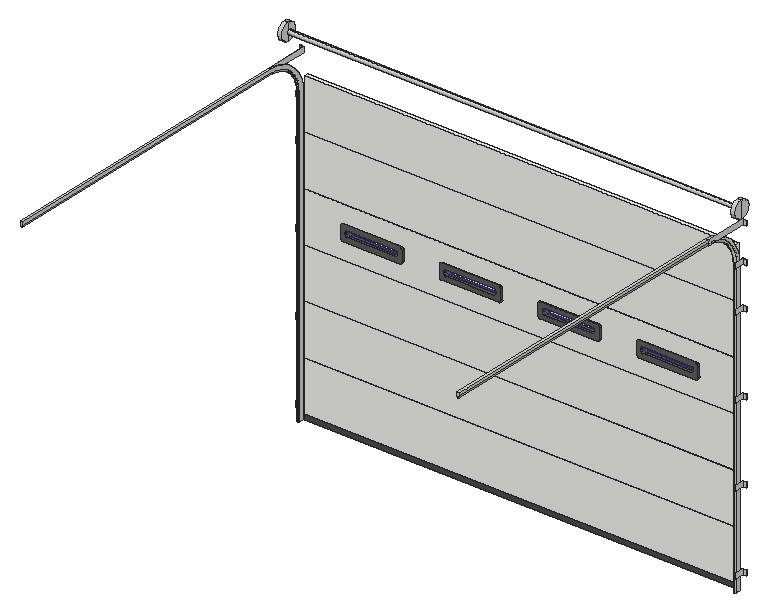
Revit family "Overhead-Sect_HAAS_Res_600", category Doors, host Wall, Revit 2024
Family settings
  Host = Wall
  OmniClass Number = 23.30.10.17.37.14
  OmniClass Title = Sectional Overhead Doors
  Always vertical = Yes
  Cut with Voids When Loaded = No
  Shared = No
  Room Calculation Point = No
Parameters
  rearspring = no
  Warranty Duration (Years) = 0
  Viewport Frame Finish [instance] = Finish - Trim - HAAS - Black
  Unit Width [instance] = if(Wood Jamb, Opening Width, Opening Width + 0' 2")  # 14' - 0"
  Wood Jamb [instance] = yes
  URL = "http://www.haasdoor.com/about/index.html"
  U Value = 0
  Type Comments = ""
  Track_High Lift_CHECK WITH HAAS FOR VALUE [instance] = 0' - 7"
  Track [instance] = Steel
  Thickness = 0' - 0"  # constant formula
  Test Data = ""
  Steel Jamb [instance] = not(Wood Jamb)  # no
  Standards Conformance = "as Specified"
  Specification = ""
  SpecWizard = ""
  Send Message = ""
  Sales Information = "http://www.haasdoor.com/locator/index.php"
  Rough Width = 0' - 0"  # constant formula
  Rough Height = 0' - 0"  # constant formula
  Roof Incline Default = 0.00°
  Revision = "R1_2015-11"
  Recycled Content [instance] = "as Specified"
  R-Value = 13.45
  Product Properties = ""
  Product Data = "http://www.arcat.com/arcatcos/cos32/arc32915.html"
  Panel Width [instance] = 14' - 0"
  Panel Thickness = 0' - 1 3/8"
  Panel Material_Interior [instance] = Metal - Steel - HAAS - Polar White V-Groove
  Panel Material_Inset Panel [instance] = Metal - Steel - HAAS - Polar White
  Panel Material_Exterior [instance] = Metal - Steel - HAAS - Polar White
  Panel Height [instance] = if(1 = 1, Opening Height, 0' 0")  # 10' - 0"
  Overhead Sectional Style [instance] = Door_Overhead-Sectional-Panel_Haas_No-Inset-Panels : Design B
  Operation = "Overhead Sectional"
  Opening Width [instance] = 14' - 0"
  Opening Height [instance] = 10' - 0"
  Track Type [instance] = Tracks_Standard-Lift : Tracks_Standard-Lift
  Model = ""
  Max Width = 0' - 0"
  Max Height = 0' - 0"
  Manufacturer Website = "http://www.haasdoor.com/about/index.html"
  Manufacturer Phone - Toll Free = ""
  Manufacturer Phone = "419-337-9900"
  Manufacturer Fax = "800-874-4227"
  Manufacturer Address = "320 Sycamore Rd. Wauseon, OH 43567"
  Manufacturer = "Haas Door Co."
  Maintenance Schedule (Months) = 0
  Keynote = "08360"
  Interior Skin = "as Specified"
  Installation-Fabrication = ""
  Installation Phase = ""
  Green Building-LEED = ""
  Viewport Glazing [instance] = Glass
  Function = 1
  Height = 0' - 0"  # constant formula
  Wall Closure = (empty or 0)
  Width = 0' - 0"  # constant formula
  Fire Rating = ""
  Exterior Skin = "as Specified"
  Expected Lifespan (Years) = 0
  End Stile Type = "as Specified"
  Drawn By = "Sumex Design, Inc."
  Description = "Haas Residential Overhead Sectional Door - 600 Series"
  Cost = 0
  Copyright = "©Arcat Inc."  # constant formula
  Construction Type = ""
  Construction Details = ""
  Building Codes = ""
  Bottom Seal Color [instance] = Finish - Weather Seal - HAAS - Black
  Assembly Code = "B2030410"
  AAMA Designation = "as Specified"
  3in Track [instance] = not([2in Track])  # no
  2in Track [instance] = yes
Reference planes (in)
  plane 1 "Center (Front/Back)": y = 0
  plane 2 "Center (Left/Right)": x = 0
  plane 3 "Left": x = -84
  plane 4 "Right": x = 84
  plane 5 "Top": z = 120
  plane 6 "Exterior": y = 3
  plane 7 "Interior": y = -3
  plane 8: z = 2
  plane 9 "Back of Panel": y = -4.375
  plane 10: y = -3.6875
  plane 11 "Track": y = -4.625
Lines and regions (in)
  Opening 1
    outline origin (-90, -3, 0) x (1, 0, 0) y (0, 0, 1)
      loop
        line (6, 0) -> (174, 0) -> (174, 120) -> (6, 120) -> (6, 0)
Text (in)
  text "Exterior" at (-74.96733, 27.31104, 0), in view "Ref. Level"
  text "Interior" at (-74.96733, -25.14366, 0), in view "Ref. Level"
  text "Exterior" at (0, 40.15149, 123.01588), in view "Right"
  text "Interior" at (0, -64.39139, 123.01588), in view "Right"
  text "Interior" at (0, -31.01599, 123.00693), in view "Left"
  text "Exterior" at (0, 54.57065, 123.00693), in view "Left"
Dimensions and locks (in)
  equal spacing: plane 3 "Left", plane 2 "Center (Left/Right)", plane 4 "Right"
  "Opening Height": level to plane 5 "Top"
  "Opening Width": plane 3 "Left" to plane 4 "Right"
  plane 8 to level = 0' - 2"
  plane 3 "Left" to plane 4 "Right" = 14' - 0"
  "Panel Thickness": plane 9 "Back of Panel" to plane 7 "Interior"
  equal spacing: plane 9 "Back of Panel", plane 10, plane 7 "Interior"
  locked: plane 11 "Track" to plane 7 "Interior" at 1.625
  aligned and locked: plane 3 "Left" to Opening 1 sketch curve
  aligned and locked: plane 5 "Top" to Opening 1 sketch curve
  aligned and locked: Opening 1 sketch curve to plane 5 "Top"
  aligned and locked: Opening 1 sketch curve to plane 4 "Right"
  aligned and locked: Opening 1 sketch curve to level
  aligned and locked: plane 6 "Exterior" to host wall
  aligned and locked: plane 7 "Interior" to host wall
  aligned and locked: nested 1 to plane 2 "Center (Left/Right)"
  aligned and locked: level to nested 1
  aligned and locked: nested 1 to plane 11 "Track"
  aligned and locked: nested 2 to plane 2 "Center (Left/Right)"
  aligned and locked: plane 10 to nested 2
Nested families (in)
  nested 1: "Tracks_Standard-Lift" at (0, -5.625, 0), Unit Width <- "Unit Width", Opening Height <- "Opening Height", Track <- "Track", Wood Jamb <- "Wood Jamb", 2in Track <- "2in Track", type <- "Track Type", High Lift Height <- "Track_High Lift_CHECK WITH HAAS FOR VALUE", Door Height <- "Panel Height", Rear Mount Spring <- "rearspring", Roof Incline <- "Roof Incline Default", type "Tracks_Standard-Lift"
    with trackradinsetv 0' - 0", trackradinseth 0' - 0", sideroomint 0' - 1 5/8", roofpitchheight 0' - 0", offsettrackradv 1' - 2.73821", offsettrackradh 1' - 2.99772", offset 0' - 0", highliftcalc 0' - 8", breakoutrun 1, breakoutrise 12, breakawaylength 0' - 0", breakaway angle 1.00°, Wood Jamb yes, Unit Width 14' - 0", Unit Depth 0' - 2", Track Radius 1' - 3", Track Offset from Door Edge 0' - 0 1/2", Track Steel, Steel Jamb no, Standard Spring Location yes, Sideroom_Spring 0' - 3", Sideroom_Jambs 0' - 3", Roof Incline 0.00°, Rear Mount Spring no, Opening Width 14' - 0", Opening Height 10' - 0", High Lift Height 0' - 7", Headroom Clearance 1' - 7", Door Height 10' - 0", Breakaway Start 0' - 8", Back Depth 11' - 6", 3in Track no, 2in Track yes, 1 in 12 Breakout yes, 1 5 in 12 Breakout no
  nested 2: "Door_Overhead-Sectional-Panel_Haas_No-Inset-Panels" at (0, -3.6875, 0) x (-1, 0, 0) z (0, 0, 1), Viewport Finish <- "Viewport Frame Finish", Panel Material_Interior <- "Panel Material_Interior", Panel Material_Inset Panel <- "Panel Material_Inset Panel", Panel Material_Exterior <- "Panel Material_Exterior", Viewport Glazing <- "Viewport Glazing", Bottom Seal Color <- "Bottom Seal Color", Panel Width <- "Panel Width", Panel Thickness <- "Panel Thickness", Panel Height <- "Panel Height", type <- "Overhead Sectional Style", type "Design B"
    with Viewport Glazing Glass, Viewport Finish Finish - Trim - HAAS - Black, Unit Width 14' - 0", Unit Height 1' - 7.66667", Panel Width 14' - 0", Panel Thickness 0' - 1 3/8", Panel Material_Interior Metal - Steel - HAAS - Polar White V-Groove, Panel Material_Inset Panel Metal - Steel - HAAS - Polar White, Panel Material_Exterior Metal - Steel - HAAS - Polar White, Panel Height 10' - 0", Panel 9 Vis no, Panel 9 Control 0' - 0", Panel 8 Vis no, Panel 8 Control 0' - 0", Panel 7 Vis no, Panel 7 Control 0' - 0", Panel 6 Vis yes, Panel 6 Control 1' - 7.66667", Panel 5 Vis yes, Panel 5 Control 1' - 7.66667", Panel 4 Vis yes, Panel 4 Control 1' - 7.66667", Panel 3 Vis yes, Panel 3 Control 1' - 7.66667", Panel 2 Vis yes, Panel 2 Control 1' - 7.66667", Panel 10 Vis no, Panel 10 Control 0' - 0", Panel 1 Vis yes, Bottom Seal Color Finish - Weather Seal - HAAS - Black
Definition of nested family "Tracks_Standard-Lift"
  Parameters
    trackradinsetv [instance] = Track Radius - (Track Radius * cos(Roof Incline))  # 0' - 0"
    trackradinseth [instance] = Track Radius * sin(Roof Incline)  # 0' - 0"
    sideroomint [instance] = if(Steel Jamb, 0' 3", 0' 1 5/8")  # 0' - 1 5/8"
    roofpitchheight [instance] = (Back Depth) * tan(Roof Incline)  # 0' - 0"
    offsettrackradv [instance] = Track Radius - (Track Radius * sin(breakaway angle))  # 1' - 2.73821"
    offsettrackradh [instance] = Track Radius * cos(breakaway angle)  # 1' - 2.99772"
    offset [instance] = 0' - 0"  # constant formula
    breakoutrun [instance] = if([1 in 12 Breakout], 1, 1.5)  # 1
    breakoutrise [instance] = 12  # constant formula
    breakawaylength [instance] = (Breakaway Start + High Lift Height - Track Radius) / tan(90.00° - breakaway angle)  # 0' - 0.26183"
    breakaway angle [instance] = 1.00°  # constant formula
    Wood Jamb [instance] = yes
    Unit Width [instance] = 8' - 0"
    Unit Depth [instance] = if([2in Track], 0' 2", if([3in Track], 0' 3", 0' 2"))  # 0' - 3"
    URL = ""
    Track Radius [instance] = 1' - 3"
    Track [instance] = none
    Steel Jamb [instance] = not(Wood Jamb)  # no
    Standard Spring Location [instance] = yes
    Specification = ""
    SpecWizard = ""
    Track Offset from Door Edge [instance] = 0' - 0 1/2"
    Sideroom_Spring [instance] = 0' - 3"  # constant formula
    Sideroom_Jambs [instance] = 0' - 3"  # constant formula
    Sales Information = ""
    Roof Incline [instance] = 0.00°
    Revision = ""
    Rear Mount Spring [instance] = yes
    Product Properties = ""
    Product Data = ""
    Opening Width [instance] = if(Wood Jamb, Unit Width, Unit Width - 0' 1")  # 8' - 0"
    Opening Height [instance] = 8' - 0"
    Model = "As Specified"
    Manufacturer = ""
    Keynote = ""
    Installation-Fabrication = ""
    highliftcalc [instance] = if(Headroom Clearance < 5' 4 3/256", Headroom Clearance - 0' 11", if(and(Headroom Clearance > 5' 4", Headroom Clearance < 11' 1 3/256"), Headroom Clearance - 1' 1", if(and(Headroom Clearance > 11' 1", Headroom Clearance < 15' 0 3/256"), Headroom Clearance - 1' 5", 1' 0")))  # 1' - 11"
    High Lift Height [instance] = 1' - 10"
    Headroom Clearance [instance] = High Lift Height + 1' 0"  # 2' - 10"
    Green Building-LEED = ""
    Drawn By = "Sumex Design, Inc. / Robert S. Weygant, CSI, CDT, SCIP"
    Door Height [instance] = 8' - 0"
    Description = ""
    Default Elevation = 0' - 0"  # constant formula
    Copyright = "©Arcat Inc."
    Construction Details = ""
    Breakaway Start [instance] = if([1 in 12 Breakout], 0' 8", if([1 5 in 12 Breakout], 1' 2", 1' 0"))  # 0' - 8"
    Back Depth [instance] = Door Height + 1' 6"  # 9' - 6"
    Assembly Code = ""
    3in Track [instance] = not([2in Track])  # yes
    2in Track [instance] = no
    1 in 12 Breakout [instance] = yes
    1 5 in 12 Breakout [instance] = not([1 in 12 Breakout])  # no
  Reference planes (in)
    plane 1 "Center (Front/Back)": y = 0
    plane 2 "Bottom": z = 0
    plane 3 "Center (Left/Right)": x = 0
    plane 4 "Front": y = -1.5
    plane 5 "Back": y = 1.5
    plane 6 "Left": x = -48
    plane 7 "Right": x = 48
    plane 8 "Top": z = 121
    plane 9: z = 96
    plane 10: x = -48
    plane 11: x = 48
    plane 12: z = 130
    plane 13: y = -110.875
    plane 14: y = -13.49772
    plane 15: z = 106.26179
    plane 16 "Origin": y = 3.125
    plane 17: z = 74
    plane 18: z = 51.33333
    plane 19: z = 28.66667
    plane 20: z = 6
    plane 21: z = 97.13089
    plane 22: x = 51
    plane 23: x = -51
    plane 24 "Drum CL": y = -1.875
    plane 25: z = 106
    plane 26: z = 118
    plane 27: y = -13.49772
    plane 28: z = 121
    plane 29: x = -49.625
    plane 30: x = 49.625
  Forms (in)
    Extrusion 1, solid, material <- "Track", visible <- "Wood Jamb"
      sketch origin (0, 0, 0) x (1, 0, 0) y (0, 1, 0)
        loop
          line (-49.5, -13.49772) -> (-49.5, 3.125) -> (-51, 3.125) -> (-51, 3) -> (-49.625, 3) -> (-49.625, -13.49772) -> (-49.5, -13.49772)
        loop
          line (49.5, -13.49772) -> (49.625, -13.49772) -> (49.625, 3) -> (51, 3) -> (51, 3.125) -> (49.5, 3.125) -> (49.5, -13.49772)
      from 0 to 121
    Extrusion 2, void
      sketch origin (0, 0, 0) x (0, 1, 0) y (0, 0, 1)
        loop
          line (-1.5, 5) -> (-1.5, 7) -> (3.125, 7) -> (3.125, 27.66667) -> (-1.5, 27.66667) -> (-1.5, 29.66667) -> (3.125, 29.66667) -> (3.125, 50.33333) -> (-1.5, 50.33333) -> (-1.5, 52.33333) -> (3.125, 52.33333) -> (3.125, 73) -> (-1.5, 73) -> (-1.5, 75) -> (3.125, 75) -> (3.125, 105.26179) -> (-1.5, 105.26179) -> (-1.5, 107.26179) -> (3.125, 107.26179) -> (3.125, 119) -> (-13.49772, 119) -> (-13.49772, 0) -> (3.125, 0) -> (3.125, 5) -> (-1.5, 5)
      from -51 to 51
    Extrusion 3, solid, material <- "Track", visible <- "Steel Jamb"
      sketch origin (0, 0, 0) x (1, 0, 0) y (0, 1, 0)
        loop
          line (-51, 3.125) -> (-51, -13.49772) -> (-50.875, -13.49772) -> (-50.875, 3) -> (-48.375, 3) -> (-48.375, 3.125) -> (-51, 3.125)
        loop
          line (51, 3.125) -> (48.375, 3.125) -> (48.375, 3) -> (50.875, 3) -> (50.875, -13.49772) -> (51, -13.49772) -> (51, 3.125)
      from 0 to 121
    Revolve 4, solid, material <- "Track"
      sketch origin (0, -1.875, 0) x (0, 0, -1) y (1, 0, 0)
        loop
          line (-130, -53) -> (-126.75, -53) -> (-126.75, 53) -> (-130, 53) -> (-130, 51.5) -> (-127.5, 51.5) -> (-127.5, -51.5) -> (-130, -51.5) -> (-130, -53)
        axis (-126.75, 53) -> (-126.75, -53)
      angle from 0 to 360
    Sweep 5, solid, material <- "Track"
      path origin (0, 0, 0) x (0, 1, 0) y (0, 0, 1)
        loop
          line (1.5, 0) -> (1.5, 106.26179)
          arc (1.5, 106.26179) -> (-2.98408, 116.69876) -> (-13.49772, 121) r 15
          line (-13.49772, 121) -> (-110.875, 121)
      profile origin (0, -62.18636, 121) x (0, 0, -1) y (1, 0, 0)
        loop
          line (2.62111, -48.5) -> (0, -48.5) -> (0, -49.5) -> (2.25, -49.5)
          arc (2.25, -49.5) -> (2.68414, -49.38263) -> (3, -49.0625) r 0.86161
          line (3, -49.0625) -> (3, -48.71875) -> (2.62111, -48.5)
    Sweep 6, solid, material <- "Track"
      path origin (0, 0, 0) x (0, 1, 0) y (0, 0, 1)
        loop
          line (1.5, 0) -> (1.5, 106.26179)
          arc (1.5, 106.26179) -> (-2.98408, 116.69876) -> (-13.49772, 121) r 15
          line (-13.49772, 121) -> (-110.875, 121)
      profile origin (0, -62.18636, 121) x (0, 0, -1) y (1, 0, 0)
        loop
          line (0, 49.5) -> (0, 48.5) -> (2.62111, 48.5) -> (3, 48.71875) -> (3, 49.0625)
          arc (3, 49.0625) -> (2.68414, 49.38263) -> (2.25, 49.5) r 0.86161
          line (2.25, 49.5) -> (0, 49.5)
  Cuts and joins
    Extrusion 2 cuts Extrusion 1
    Extrusion 2 cuts Extrusion 3
  Lines and regions (in)
    reference lines
      curve 1: arc (0, 0.25, 112.00003) -> (0, -5.28189, 118.54991) -> (0, -13.49772, 121) r 15
      curve 2: line (0, -13.49772, 121) -> (0, -110.875, 121)
  Text (in)
    text "OPENING" at (0, 24.81124, 52.10269), in view "Right"
    text "STANDARD LIFT" at (0, 24.81124, 118.55424), in view "Right"
  Dimensions and locks (in)
    equal spacing: plane 6 "Left", plane 3 "Center (Left/Right)", plane 7 "Right"
    "Unit Width": plane 6 "Left" to plane 7 "Right"
    equal spacing: plane 5 "Back", plane 1 "Center (Front/Back)", plane 4 "Front"
    "Unit Depth": plane 5 "Back" to plane 4 "Front"
    equal spacing: plane 10, plane 3 "Center (Left/Right)", plane 11
    "Opening Width": plane 10 to plane 11
    "Headroom Clearance": plane 12 to plane 9
    "Back Depth": plane 13 to plane 16 "Origin"
    "offsettrackradv": plane 8 "Top" to plane 15
    locked: plane 16 "Origin" to plane 5 "Back" at 1.625
    "Sideroom_Jambs": Extrusion 1 sketch curve to plane 10
    "Sideroom_Jambs": plane 11 to Extrusion 1 sketch curve
    locked: plane 20 to level at 6
    equal spacing: plane 17, plane 18, plane 19, plane 20
    Extrusion 2 sketch curve to plane 20 to Extrusion 2 sketch curve = 0' - 1" locked, 0' - 1" locked
    Extrusion 2 sketch curve to plane 19 to Extrusion 2 sketch curve = 0' - 1" locked, 0' - 1" locked
    Extrusion 2 sketch curve to plane 18 to Extrusion 2 sketch curve = 0' - 1" locked, 0' - 1" locked
    Extrusion 2 sketch curve to plane 17 to Extrusion 2 sketch curve = 0' - 1" locked, 0' - 1" locked
    Extrusion 2 sketch curve to plane 15 to Extrusion 2 sketch curve = 0' - 1" locked, 0' - 1" locked
    "Sideroom_Spring": plane 23 to plane 10
    "Sideroom_Spring": plane 11 to plane 22
    locked: Extrusion 3 sketch curve to plane 10 at 0.375
    locked: plane 11 to Extrusion 3 sketch curve at 0.375
    locked: plane 24 "Drum CL" to plane 16 "Origin" at 5
    locked: Revolve 4 sketch curve to plane 10 at 5
    locked: plane 11 to Revolve 4 sketch curve at 5
    locked: Revolve 4 sketch curve to Revolve 4 sketch curve at 1.5  (x2)
    locked: Revolve 4 sketch curve to Revolve 4 sketch curve at 0.75
    locked: Revolve 4 sketch curve to Revolve 4 sketch curve at 3.25  (x2)
    locked: Extrusion 1 sketch curve to Extrusion 1 sketch curve at 0.125
    "Opening Height": plane 9 to level
    "Track Radius": plane 8 "Top" to plane 25
    "High Lift Height": plane 26 to plane 9
    "Unit Depth": plane 8 "Top" to plane 26
    "offsettrackradh": plane 14 to plane 5 "Back"
    "trackradinseth": plane 14 to plane 27
    "trackradinsetv": plane 8 "Top" to plane 28
    "Unit Depth": Sweep 5 sketch curve to Sweep 5 sketch curve
    locked: plane 8 "Top" to Extrusion 2 sketch curve at 2
    "Unit Depth": Sweep 6 sketch curve to Sweep 6 sketch curve
    Extrusion 1 sketch curve to Extrusion 1 sketch curve to plane 10 = 0' - 0 1/8" locked, 0' - 1 1/2" locked
    equal spacing: Sweep 5 sketch curve, Sweep 5 sketch curve, Sweep 5 sketch curve, Sweep 5 sketch curve, plane 10
    equal spacing: plane 11, Sweep 6 sketch curve, Sweep 6 sketch curve, Sweep 6 sketch curve, Sweep 6 sketch curve
    "sideroomint": plane 29 to plane 10
    plane 29 to Sweep 5 sketch curve to Sweep 5 sketch curve to Sweep 5 sketch curve to Sweep 5 sketch curve = 0' - 0 1/8" locked, 0' - 0 7/16" locked, 0' - 0 11/32" locked, 0' - 0 7/32" locked
    "Sideroom_Jambs": Extrusion 3 sketch curve to plane 10
    locked: Extrusion 3 sketch curve to Extrusion 3 sketch curve at 0.125  (x2)
    "Sideroom_Jambs": plane 11 to Extrusion 3 sketch curve
    locked: plane 11 to Extrusion 1 sketch curve at 1.5
    "sideroomint": plane 11 to plane 30
    Sweep 6 sketch curve to Sweep 6 sketch curve to Sweep 6 sketch curve to Sweep 6 sketch curve to plane 30 = 0' - 0 7/32" locked, 0' - 0 11/32" locked, 0' - 0 7/16" locked, 0' - 0 1/8" locked
    locked: Revolve 4 sketch curve to plane 26 at 8.75
    locked: plane 9 to plane 17 at 22
    "Track Radius": radius of curve 1
    "Track Radius": radius of Sweep 6 sketch curve
    "Roof Incline": angle curve 2 to plane 28
    "Roof Incline": angle Sweep 5 sketch curve to plane 28
    "Roof Incline": angle Sweep 6 sketch curve to plane 28
    aligned and locked: plane 14 to Extrusion 1 sketch curve
    aligned and locked: Extrusion 1 sketch curve to plane 14
    aligned and locked: Extrusion 2 sketch curve to plane 14
    aligned and locked: Extrusion 2 sketch curve to plane 16 "Origin"
    aligned and locked: plane 4 "Front" to Extrusion 2 sketch curve  (x4)
    aligned and locked: Extrusion 2 sketch curve to plane 4 "Front"
    aligned and locked: plane 23 to Extrusion 2
    aligned and locked: Extrusion 2 to plane 22
    aligned and locked: Extrusion 3 sketch curve to plane 14
    aligned and locked: plane 14 to Extrusion 3 sketch curve
    aligned and locked: Revolve 4 sketch curve to Revolve 4 sketch curve
    aligned and locked: plane 27 to curve 1
    aligned and locked: plane 25 to curve 1
    aligned and locked: plane 14 to curve 1
    aligned and locked: plane 13 to curve 2
    aligned and locked: Sweep 5 sketch curve to curve 1
    aligned and locked: plane 13 to Sweep 5 sketch curve
    aligned and locked: plane 27 to Sweep 5 sketch curve
    aligned and locked: plane 8 "Top" to Extrusion 3
    aligned and locked: plane 8 "Top" to Extrusion 1
    aligned and locked: plane 13 to Sweep 6 sketch curve
    aligned and locked: plane 15 to Sweep 5 sketch curve
    aligned and locked: plane 27 to Sweep 6 sketch curve
    aligned and locked: plane 28 to Sweep 6 sketch curve
    aligned and locked: plane 15 to Sweep 6 sketch curve
    aligned and locked: plane 5 "Back" to Sweep 6 sketch curve
  Automatic sketch dimensions
    Extrusion 1 sketch curve to plane 16 "Origin" = 0' - 0"  (x2)
    Extrusion 1 sketch curve to plane 16 "Origin" = 0' - 0 1/8"  (x2)
    Extrusion 3 sketch curve to plane 16 "Origin" = 0' - 0"  (x2)
    Extrusion 3 sketch curve to plane 16 "Origin" = 0' - 0 1/8"  (x2)
    Revolve 4 sketch curve to Revolve 4 sketch curve = 0' - 0"
    Revolve 4 sketch curve to Revolve 4 sketch curve = 0' - 3"
    Sweep 5 sketch curve to level = 0' - 0"
    Sweep 5 sketch curve to profile plane = 0' - 0"
    Sweep 5 sketch curve to Sweep 5 sketch curve = 0' - 0.37111"
    Sweep 5 sketch curve to Sweep 5 sketch curve = 0' - 0.13839"
    Sweep 6 sketch curve to profile plane = 0' - 0"
    Sweep 6 sketch curve to Sweep 6 sketch curve = 0' - 0.37111"
    Sweep 6 sketch curve to Sweep 6 sketch curve = 0' - 0.13839"
    curve 1 to plane 1 "Center (Front/Back)" = 0' - 0 1/4"
    Sweep 6 sketch curve to level = 0' - 0"
    Extrusion 2 sketch curve to plane 16 "Origin" = 0' - 0"  (x5)
    Extrusion 2 sketch curve to level = 0' - 0"
Definition of nested family "Door_Overhead-Sectional-Panel_Haas_No-Inset-Panels"
  Parameters
    Width = 10' - 0"
    Viewport Finish [instance] = none
    Unit Width [instance] = Panel Width  # 10' - 0"
    Unit Height [instance] = if(Number Panels > 3, ((Panel Height - 0' 2") / Number Panels), ((Panel Height - 0' 2") / 4))  # 1' - 7.66667"
    Thickness = 0' - 3"
    Section Type_Row 10 = HAAS_Section_Flush : Standard
    Section Type_Row 9 = HAAS_Section_Flush : Standard
    Section Type_Row 8 = HAAS_Section_Flush : Standard
    Section Type_Row 7 = HAAS_Section_Flush : Standard
    Section Type_Row 6 = HAAS_Section_Flush : Standard
    Section Type_Row 5 = HAAS_Section_Flush : Standard
    Section Type_Row 4 = HAAS_Section_Flush : Standard
    Section Type_Row 3 = HAAS_Section_Flush : Standard
    Section Type_Row 2 = HAAS_Section_Flush : Standard
    Section Type_Row 1 = HAAS_Section_Flush : Standard
    Panel Width [instance] = 10' - 0"
    Panel Thickness [instance] = 0' - 3"
    Panel Material_Interior [instance] = none
    Panel Material_Inset Panel [instance] = none
    Panel Material_Exterior [instance] = none
    Panel Height [instance] = 10' - 0"
    Panel 9 Vis [instance] = Number Panels > 8  # no
    Panel 9 Control [instance] = if(Panel 9 Vis, Unit Height, 0' 0")  # 0' - 0"
    Panel 8 Vis [instance] = Number Panels > 7  # no
    Panel 8 Control [instance] = if(Panel 8 Vis, Unit Height, 0' 0")  # 0' - 0"
    Panel 7 Vis [instance] = Number Panels > 6  # no
    Panel 7 Control [instance] = if(Panel 7 Vis, Unit Height, 0' 0")  # 0' - 0"
    Panel 6 Vis [instance] = Number Panels > 5  # yes
    Panel 6 Control [instance] = if(Panel 6 Vis, Unit Height, 0' 0")  # 1' - 7.66667"
    Panel 5 Vis [instance] = Number Panels > 4  # yes
    Panel 5 Control [instance] = if(Panel 5 Vis, Unit Height, 0' 0")  # 1' - 7.66667"
    Panel 4 Vis [instance] = Number Panels > 3  # yes
    Panel 4 Control [instance] = if(Panel 4 Vis, Unit Height, 0' 0")  # 1' - 7.66667"
    Panel 3 Vis [instance] = Number Panels > 2  # yes
    Panel 3 Control [instance] = if(Panel 3 Vis, Unit Height, 0' 0")  # 1' - 7.66667"
    Panel 2 Vis [instance] = Number Panels > 1  # yes
    Panel 2 Control [instance] = if(Panel 2 Vis, Unit Height, 0' 0")  # 1' - 7.66667"
    Panel 10 Vis [instance] = Number Panels > 9  # no
    Panel 10 Control [instance] = if(Panel 10 Vis, Unit Height, 0' 0")  # 0' - 0"
    Panel 1 Vis [instance] = Number Panels > 0  # yes
    Number Panels = 6
    Viewport Glazing [instance] = none
    Height = 8' - 0"
    End Stile Width_CONTACT HAAS FOR VALUE = 0' - 0"
    Default Elevation = 4' - 0"
    Bottom Seal Color [instance] = none
  Reference planes (in)
    plane 1 "Center (Front/Back)": y = 0
    plane 2: z = 0
    plane 3 "Center (Left/Right)": x = 0
    plane 4 "Left": x = -60
    plane 5 "Right": x = 60
    plane 6 "Back": y = 1.5
    plane 7 "Front": y = -1.5
    plane 8 "1T": z = 21.66667
    plane 9 "1B": z = 2
    plane 10: z = 41.33333
    plane 11 "2B": z = 21.66667
    plane 12: z = 61
    plane 13 "3B": z = 41.33333
    plane 14: z = 80.66667
    plane 15 "4B": z = 61
    plane 16: z = 100.33333
    plane 17 "5B": z = 80.66667
    plane 18: z = 120
    plane 19 "6B": z = 100.33333
    plane 20: z = 120
    plane 21 "7B": z = 100.33333
    plane 22: z = 120
    plane 23 "8B": z = 100.33333
    plane 24: z = 120
    plane 25 "9B": z = 100.33333
    plane 26: z = 120
    plane 27 "10B": z = 100.33333
  Forms (in)
    Extrusion 1, solid, material <- "Bottom Seal Color"
      sketch origin (0, 0, 0) x (0, 1, 0) y (0, 0, 1)
        loop
          line (-1.375, 2) -> (-1.375, 0) -> (1.375, 0) -> (1.375, 2) -> (-1.375, 2)
      from -60 to 60
  Dimensions and locks (in)
    equal spacing: plane 4 "Left", plane 3 "Center (Left/Right)", plane 5 "Right"
    "Panel Width": plane 4 "Left" to plane 5 "Right"
    equal spacing: plane 6 "Back", plane 1 "Center (Front/Back)", plane 7 "Front"
    "Panel Thickness": plane 6 "Back" to plane 7 "Front"
    "Unit Height": plane 8 "1T" to plane 9 "1B"
    "Unit Height": plane 10 to plane 11 "2B"
    "Unit Height": plane 12 to plane 13 "3B"
    "Unit Height": plane 14 to plane 15 "4B"
    "Unit Height": plane 16 to plane 17 "5B"
    "Unit Height": plane 18 to plane 19 "6B"
    "Unit Height": plane 20 to plane 21 "7B"
    "Unit Height": plane 22 to plane 23 "8B"
    "Unit Height": plane 24 to plane 25 "9B"
    "Unit Height": plane 26 to plane 27 "10B"
    locked: plane 9 "1B" to level at 2
    "Panel 2 Control": plane 11 "2B" to plane 9 "1B"
    "Panel 3 Control": plane 13 "3B" to plane 11 "2B"
    "Panel 4 Control": plane 15 "4B" to plane 13 "3B"
    "Panel 5 Control": plane 17 "5B" to plane 15 "4B"
    "Panel 6 Control": plane 19 "6B" to plane 17 "5B"
    "Panel 7 Control": plane 21 "7B" to plane 19 "6B"
    "Panel 8 Control": plane 23 "8B" to plane 21 "7B"
    "Panel 9 Control": plane 25 "9B" to plane 23 "8B"
    "Panel 10 Control": plane 27 "10B" to plane 25 "9B"
    locked: Extrusion 1 sketch curve to plane 6 "Back" at 0.125
    locked: plane 7 "Front" to Extrusion 1 sketch curve at 0.125
    aligned and locked: plane 2 to level
    aligned and locked: plane 3 "Center (Left/Right)" to nested 1
    aligned and locked: plane 3 "Center (Left/Right)" to nested 2
    aligned and locked: plane 3 "Center (Left/Right)" to nested 3
    aligned and locked: plane 3 "Center (Left/Right)" to nested 4
    aligned and locked: plane 3 "Center (Left/Right)" to nested 5
    aligned and locked: plane 3 "Center (Left/Right)" to nested 6
    aligned and locked: plane 3 "Center (Left/Right)" to nested 7
    aligned and locked: plane 3 "Center (Left/Right)" to nested 8
    aligned and locked: plane 3 "Center (Left/Right)" to nested 9
    aligned and locked: plane 3 "Center (Left/Right)" to nested 10
    aligned and locked: plane 1 "Center (Front/Back)" to nested 1
    aligned and locked: plane 1 "Center (Front/Back)" to nested 2
    aligned and locked: plane 1 "Center (Front/Back)" to nested 3
    aligned and locked: plane 1 "Center (Front/Back)" to nested 4
    aligned and locked: nested 5 to plane 1 "Center (Front/Back)"
    aligned and locked: nested 6 to plane 1 "Center (Front/Back)"
    aligned and locked: nested 7 to plane 1 "Center (Front/Back)"
    aligned and locked: nested 8 to plane 1 "Center (Front/Back)"
    aligned and locked: nested 9 to plane 1 "Center (Front/Back)"
    aligned and locked: nested 10 to plane 1 "Center (Front/Back)"
    aligned and locked: plane 5 "Right" to Extrusion 1
    aligned and locked: Extrusion 1 to plane 4 "Left"
  Automatic sketch dimensions
    Extrusion 1 sketch curve to level = 0' - 0"
    Extrusion 1 sketch curve to plane 9 "1B" = 0' - 0"
  Nested families (in)
    nested 1: "HAAS_Section_Flush" at (0, 0, 2), type <- "Section Type_Row 1", visible <- "Panel 1 Vis", Unit Width <- "Unit Width", Unit Height <- "Unit Height", Viewport Glazing <- "Viewport Glazing", Viewport Finish <- "Viewport Finish", Panel Material_Interior <- "Panel Material_Interior", Panel Material_Inset Panel <- "Panel Material_Inset Panel", Panel Material_Exterior <- "Panel Material_Exterior", Unit Depth <- "Panel Thickness", type "Standard"
      with Viewport Glazing none, Viewport Finish none, Unit Width 10' - 0", Unit Height 1' - 7.66667", Unit Depth 0' - 3", Panel Material_Interior none, Panel Material_Inset Panel none, Panel Material_Exterior none
    nested 2: "HAAS_Section_Flush" at (0, 0, 21.66667), type <- "Section Type_Row 2", visible <- "Panel 2 Vis", Unit Width <- "Unit Width", Unit Height <- "Unit Height", Viewport Glazing <- "Viewport Glazing", Viewport Finish <- "Viewport Finish", Panel Material_Interior <- "Panel Material_Interior", Panel Material_Inset Panel <- "Panel Material_Inset Panel", Panel Material_Exterior <- "Panel Material_Exterior", Unit Depth <- "Panel Thickness", type "Standard"
      with Viewport Glazing none, Viewport Finish none, Unit Width 10' - 0", Unit Height 1' - 7.66667", Unit Depth 0' - 3", Panel Material_Interior none, Panel Material_Inset Panel none, Panel Material_Exterior none
    nested 3: "HAAS_Section_Flush" at (0, 0, 41.33333), type <- "Section Type_Row 3", visible <- "Panel 3 Vis", Unit Width <- "Unit Width", Unit Height <- "Unit Height", Viewport Glazing <- "Viewport Glazing", Viewport Finish <- "Viewport Finish", Panel Material_Interior <- "Panel Material_Interior", Panel Material_Inset Panel <- "Panel Material_Inset Panel", Panel Material_Exterior <- "Panel Material_Exterior", Unit Depth <- "Panel Thickness", type "Standard"
      with Viewport Glazing none, Viewport Finish none, Unit Width 10' - 0", Unit Height 1' - 7.66667", Unit Depth 0' - 3", Panel Material_Interior none, Panel Material_Inset Panel none, Panel Material_Exterior none
    nested 4: "HAAS_Section_Flush" at (0, 0, 61), visible <- "Panel 4 Vis", Unit Width <- "Unit Width", Unit Height <- "Unit Height", Viewport Glazing <- "Viewport Glazing", Viewport Finish <- "Viewport Finish", Panel Material_Interior <- "Panel Material_Interior", Panel Material_Inset Panel <- "Panel Material_Inset Panel", Panel Material_Exterior <- "Panel Material_Exterior", type <- "Section Type_Row 4", Unit Depth <- "Panel Thickness", type "Standard"
      with Viewport Glazing none, Viewport Finish none, Unit Width 10' - 0", Unit Height 1' - 7.66667", Unit Depth 0' - 3", Panel Material_Interior none, Panel Material_Inset Panel none, Panel Material_Exterior none
    nested 5: "HAAS_Section_Flush" at (0, 0, 80.66667), type <- "Section Type_Row 5", visible <- "Panel 5 Vis", Unit Width <- "Unit Width", Unit Height <- "Unit Height", Viewport Glazing <- "Viewport Glazing", Viewport Finish <- "Viewport Finish", Panel Material_Interior <- "Panel Material_Interior", Panel Material_Inset Panel <- "Panel Material_Inset Panel", Panel Material_Exterior <- "Panel Material_Exterior", Unit Depth <- "Panel Thickness", type "Standard"
      with Viewport Glazing none, Viewport Finish none, Unit Width 10' - 0", Unit Height 1' - 7.66667", Unit Depth 0' - 3", Panel Material_Interior none, Panel Material_Inset Panel none, Panel Material_Exterior none
    nested 6: "HAAS_Section_Flush" at (0, 0, 100.33333), type <- "Section Type_Row 6", visible <- "Panel 6 Vis", Unit Width <- "Unit Width", Unit Height <- "Unit Height", Viewport Glazing <- "Viewport Glazing", Viewport Finish <- "Viewport Finish", Panel Material_Interior <- "Panel Material_Interior", Panel Material_Inset Panel <- "Panel Material_Inset Panel", Panel Material_Exterior <- "Panel Material_Exterior", Unit Depth <- "Panel Thickness", type "Standard"
      with Viewport Glazing none, Viewport Finish none, Unit Width 10' - 0", Unit Height 1' - 7.66667", Unit Depth 0' - 3", Panel Material_Interior none, Panel Material_Inset Panel none, Panel Material_Exterior none
    nested 7: "HAAS_Section_Flush" at (0, 0, 100.33333), type <- "Section Type_Row 7", visible <- "Panel 7 Vis", Unit Width <- "Unit Width", Unit Height <- "Unit Height", Viewport Glazing <- "Viewport Glazing", Viewport Finish <- "Viewport Finish", Panel Material_Interior <- "Panel Material_Interior", Panel Material_Inset Panel <- "Panel Material_Inset Panel", Panel Material_Exterior <- "Panel Material_Exterior", Unit Depth <- "Panel Thickness", type "Standard"
      with Viewport Glazing none, Viewport Finish none, Unit Width 10' - 0", Unit Height 1' - 7.66667", Unit Depth 0' - 3", Panel Material_Interior none, Panel Material_Inset Panel none, Panel Material_Exterior none
    nested 8: "HAAS_Section_Flush" at (0, 0, 100.33333), type <- "Section Type_Row 8", visible <- "Panel 8 Vis", Unit Width <- "Unit Width", Unit Height <- "Unit Height", Viewport Glazing <- "Viewport Glazing", Viewport Finish <- "Viewport Finish", Panel Material_Interior <- "Panel Material_Interior", Panel Material_Inset Panel <- "Panel Material_Inset Panel", Panel Material_Exterior <- "Panel Material_Exterior", Unit Depth <- "Panel Thickness", type "Standard"
      with Viewport Glazing none, Viewport Finish none, Unit Width 10' - 0", Unit Height 1' - 7.66667", Unit Depth 0' - 3", Panel Material_Interior none, Panel Material_Inset Panel none, Panel Material_Exterior none
    nested 9: "HAAS_Section_Flush" at (0, 0, 100.33333), type <- "Section Type_Row 9", visible <- "Panel 9 Vis", Unit Width <- "Unit Width", Unit Height <- "Unit Height", Viewport Glazing <- "Viewport Glazing", Viewport Finish <- "Viewport Finish", Panel Material_Interior <- "Panel Material_Interior", Panel Material_Inset Panel <- "Panel Material_Inset Panel", Panel Material_Exterior <- "Panel Material_Exterior", Unit Depth <- "Panel Thickness", type "Standard"
      with Viewport Glazing none, Viewport Finish none, Unit Width 10' - 0", Unit Height 1' - 7.66667", Unit Depth 0' - 3", Panel Material_Interior none, Panel Material_Inset Panel none, Panel Material_Exterior none
    nested 10: "HAAS_Section_Flush" at (0, 0, 100.33333), type <- "Section Type_Row 10", visible <- "Panel 10 Vis", Unit Width <- "Unit Width", Unit Height <- "Unit Height", Viewport Glazing <- "Viewport Glazing", Viewport Finish <- "Viewport Finish", Panel Material_Interior <- "Panel Material_Interior", Panel Material_Inset Panel <- "Panel Material_Inset Panel", Panel Material_Exterior <- "Panel Material_Exterior", Unit Depth <- "Panel Thickness", type "Standard"
      with Viewport Glazing none, Viewport Finish none, Unit Width 10' - 0", Unit Height 1' - 7.66667", Unit Depth 0' - 3", Panel Material_Interior none, Panel Material_Inset Panel none, Panel Material_Exterior none
  Definition of nested family "HAAS_Section_Flush"
    Parameters
      Viewport Glazing [instance] = none
      Viewport Finish [instance] = none
      Unit Width [instance] = 10' - 0"
      Unit Height [instance] = 1' - 3.66667"
      Unit Depth [instance] = 0' - 3"
      Panel Material_Interior [instance] = none
      Panel Material_Inset Panel [instance] = none
      Panel Material_Exterior [instance] = none
      Default Elevation = 4' - 0"
    Reference planes (in)
      plane 1 "Center (Front/Back)": y = 0
      plane 2: z = 0
      plane 3 "Center (Left/Right)": x = 0
      plane 4 "Left": x = -60
      plane 5 "Right": x = 60
      plane 6 "Center (Elevation)": z = 7.83333
      plane 7: z = 15.66667
      plane 8 "Back": y = 1.5
      plane 9 "Front": y = -1.5
    Forms (in)
      Extrusion 1, solid, material <- "Panel Material_Exterior"
        sketch origin (0, 0, 0) x (1, 0, 0) y (0, 0, 1)
          loop
            line (-60, 15.66667) -> (-60, 0) -> (60, 0) -> (60, 15.66667) -> (-60, 15.66667)
        from -1.5 to 1.5
    Dimensions and locks (in)
      equal spacing: plane 4 "Left", plane 3 "Center (Left/Right)", plane 5 "Right"
      "Unit Width": plane 4 "Left" to plane 5 "Right"
      equal spacing: plane 7, plane 6 "Center (Elevation)", level
      "Unit Height": plane 7 to level
      equal spacing: plane 8 "Back", plane 1 "Center (Front/Back)", plane 9 "Front"
      "Unit Depth": plane 8 "Back" to plane 9 "Front"
      aligned and locked: plane 2 to level
      aligned and locked: plane 7 to Extrusion 1
      aligned and locked: plane 5 "Right" to Extrusion 1
      aligned and locked: Extrusion 1 to level
      aligned and locked: Extrusion 1 to plane 4 "Left"
      aligned and locked: plane 8 "Back" to Extrusion 1
      aligned and locked: Extrusion 1 to plane 9 "Front"
    Automatic sketch dimensions
      level to Extrusion 1 sketch curve = 0' - 0"
      plane 4 "Left" to Extrusion 1 sketch curve = 0' - 0"
      Extrusion 1 sketch curve to plane 5 "Right" = 0' - 0"
      Extrusion 1 sketch curve to plane 7 = 0' - 0"
